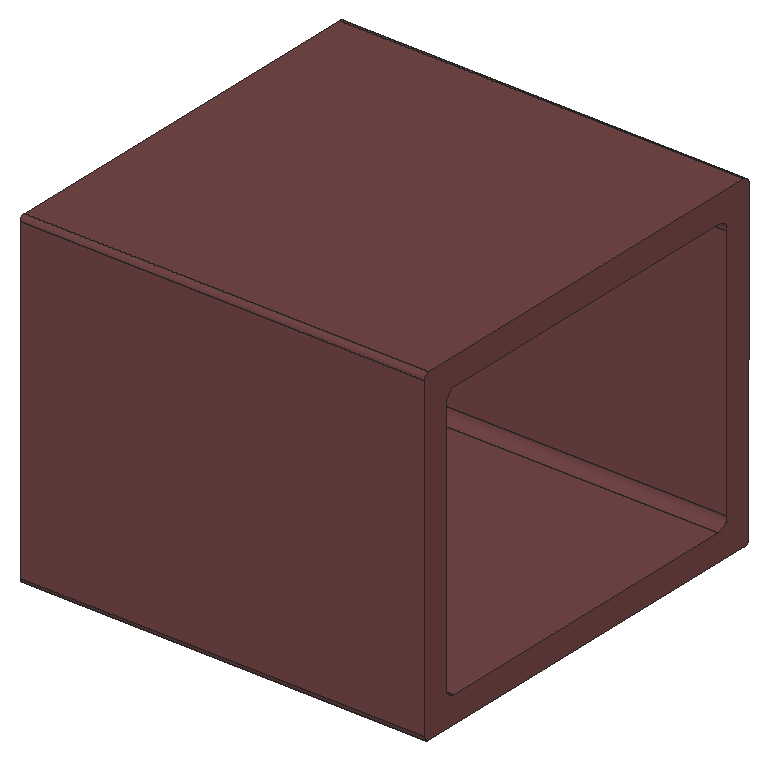
Revit family "Haworth_Janus_SEE_OccasionalTable_Open", category Furniture, Revit 2018
Family settings
  OmniClass Number = 23.40.70.14.64.21
  OmniClass Title = Systems Furniture
  Work Plane-Based = No
  Always vertical = Yes
  Cut with Voids When Loaded = No
  Shared = No
  Room Calculation Point = No
Parameters (values of type "HCJC-SE-TOOQ19-J")
  Wide = no
  Warranty = "https://www.haworth.com/resources/product-info/warranties"
  URL - Product = "https://www.haworth.com/products/seating/outdoor/see!"
  Small = yes
  Model = "HCJC-SE-TOOQ19-J"
  URL = "http://www.haworth.com/our-brands/haworth-collection"
  Size = "Verify Final Dim. w/ Haworth"  # constant formula
  Revision Number = "2"  # constant formula
  Medium = no
  Manufacturer = "Haworth"  # constant formula
  Large = not(or(Small, Medium, Wide))  # no
  Glide Finish = Haworth _ Polymer _ Black
  Frame Finish [instance] = Haworth _ Fabric _ JANUSfiber _ Bronze JJF-40
  Description = "Haworth Janus SEE! Small Occasional Table Open"
  Author = "Haworth (Abd Rahman)"  # constant formula
  Assembly Code = "E2020200"
  Actual Width = if(Small, 19", if(Medium, 26", if(Wide, 36 1/4", 54 1/4")))  # 19"
  Actual Height = if(Small, 16 1/2", if(Medium, 13 1/2", if(Wide, 13 1/2", 13 1/2")))  # 16 1/2"
  Actual Depth = if(Small, 19", if(Medium, 30 1/4", if(Wide, 30 1/4", 30 1/4")))  # 19"
Types (5): name | Wide | Small | Model | Medium | Large | Description | Actual Width | Actual Height | Actual Depth
  (no name) | no | yes | "HCJC-SE-TOOQ19-J" | no | no | "Haworth Janus SEE! Small Occasional Table Open" | 19" | 16 1/2" | 19"
  HCJC-SE-TFOR26-J | no | no | "HCJC-SE-TFOR26-J" | yes | no | "Haworth Janus SEE! Medium Occasional Table Open" | 26" | 13 1/2" | 30 1/4"
  HCJC-SE-TFOR36-J | yes | no | "HCJC-SE-TFOR36-J" | no | no | "Haworth Janus SEE! Wide Occasional Table Open" | 36 1/4" | 13 1/2" | 30 1/4"
  HCJC-SE-TFOR54-J | no | no | "HCJC-SE-TFOR54-J" | no | yes | "Haworth Janus SEE! Extra Wide Occasional Table Open" | 54 1/4" | 13 1/2" | 30 1/4"
  HCJC-SE-TOOQ19-J | no | yes | "HCJC-SE-TOOQ19-J" | no | no | "Haworth Janus SEE! Small Occasional Table Open" | 19" | 16 1/2" | 19"
Reference planes (in)
  plane 1 "Center F/B": y = -0.15866
  plane 2 "Floor": z = 0
  plane 3 "Center L/R": x = 0
  plane 4: z = 0
  plane 5: z = 1
  plane 6: x = -9.5
  plane 7: x = 9.5
  plane 8: y = 9.34134
  plane 9: y = -9.65866
  plane 10: z = 16.5
  plane 11: z = 15.25238
Forms (in)
  Extrusion 1, void
    sketch origin (0, -51.69052, 0.00238) x (0, 1, 0) y (0, 0, 1)
      loop
        line (59.28186, 15.25) -> (43.78186, 15.25)
        arc (43.78186, 15.25) -> (43.42831, 15.10355) -> (43.28186, 14.75) r 0.5
        line (43.28186, 14.75) -> (43.28186, 2.75)
        arc (43.28186, 2.75) -> (43.42831, 2.39645) -> (43.78186, 2.25) r 0.5
        line (43.78186, 2.25) -> (59.28186, 2.25)
        arc (59.28186, 2.25) -> (59.63541, 2.39645) -> (59.78186, 2.75) r 0.5
        line (59.78186, 2.75) -> (59.78186, 14.75)
        arc (59.78186, 14.75) -> (59.63541, 15.10355) -> (59.28186, 15.25) r 0.5
    from -35.98685 to 32.00702
  Extrusion 2, solid, material "Haworth _ Fabric _ JANUSfiber _ Bronze JJF-40" <- "Frame Finish"
    sketch origin (0, 0, 0) x (0, 1, 0) y (0, 0, 1)
      loop
        arc (-9.40866, 16.5) -> (-9.58544, 16.42678) -> (-9.65866, 16.25) r 0.25
        line (-9.65866, 16.25) -> (-9.65866, 1.25)
        arc (-9.65866, 1.25) -> (-9.58544, 1.07322) -> (-9.40866, 1) r 0.25
        line (-9.40866, 1) -> (9.09134, 1)
        arc (9.09134, 1) -> (9.26812, 1.07322) -> (9.34134, 1.25) r 0.25
        line (9.34134, 1.25) -> (9.34134, 16.25)
        arc (9.34134, 16.25) -> (9.26812, 16.42678) -> (9.09134, 16.5) r 0.25
        line (9.09134, 16.5) -> (-9.40866, 16.5)
    from -9.5 to 9.5
  Extrusion 3, solid, material "Haworth _ Polymer _ Black" <- "Glide Finish"
    sketch origin (0, 0, 0) x (1, 0, 0) y (0, 1, 0)
      loop
        line (5.52903, -5.59314) -> (5.40403, -5.71814) -> (5.40403, -7.71814) -> (5.52903, -7.84314) -> (7.52904, -7.84314) -> (7.65403, -7.71814) -> (7.65403, -5.71814) -> (7.52904, -5.59314) -> (5.52903, -5.59314)
    from 0 to 0.125
  Extrusion 4, solid, material "Haworth _ Polymer _ Black" <- "Glide Finish"
    sketch origin (0, 0, 0) x (1, 0, 0) y (0, 1, 0)
      loop
        line (7.40403, -5.71814) -> (5.65404, -5.71814) -> (5.52903, -5.84314) -> (5.52903, -7.59314) -> (5.65404, -7.71814) -> (7.40403, -7.71814) -> (7.52904, -7.59314) -> (7.52904, -5.84314) -> (7.40403, -5.71814)
    from 0 to 1
  Extrusion 5, solid, material "Haworth _ Polymer _ Black" <- "Glide Finish"
    sketch origin (-20, 0, 0) x (1, 0, 0) y (0, 1, 0)
      loop
        line (12.52903, -5.59314) -> (12.40403, -5.71814) -> (12.40403, -7.71814) -> (12.52903, -7.84314) -> (14.52904, -7.84314) -> (14.65403, -7.71814) -> (14.65403, -5.71814) -> (14.52904, -5.59314) -> (12.52903, -5.59314)
    from 0 to 0.125
  Extrusion 6, solid, material "Haworth _ Polymer _ Black" <- "Glide Finish"
    sketch origin (-20, 0, 0) x (1, 0, 0) y (0, 1, 0)
      loop
        line (14.40403, -5.71814) -> (12.65404, -5.71814) -> (12.52903, -5.84314) -> (12.52903, -7.59314) -> (12.65404, -7.71814) -> (14.40403, -7.71814) -> (14.52904, -7.59314) -> (14.52904, -5.84314) -> (14.40403, -5.71814)
    from 0 to 1
  Extrusion 7, solid, material "Haworth _ Polymer _ Black" <- "Glide Finish"
    sketch origin (-20, 24.25, 0) x (1, 0, 0) y (0, 1, 0)
      loop
        line (12.52903, -16.84314) -> (12.40403, -16.96814) -> (12.40403, -18.96814) -> (12.52903, -19.09314) -> (14.52904, -19.09314) -> (14.65403, -18.96814) -> (14.65403, -16.96814) -> (14.52904, -16.84314) -> (12.52903, -16.84314)
    from 0 to 0.125
  Extrusion 8, solid, material "Haworth _ Polymer _ Black" <- "Glide Finish"
    sketch origin (-20, 24.25, 0) x (1, 0, 0) y (0, 1, 0)
      loop
        line (14.40403, -16.96814) -> (12.65404, -16.96814) -> (12.52903, -17.09314) -> (12.52903, -18.84314) -> (12.65404, -18.96814) -> (14.40403, -18.96814) -> (14.52904, -18.84314) -> (14.52904, -17.09314) -> (14.40403, -16.96814)
    from 0 to 1
  Extrusion 9, solid, material "Haworth _ Polymer _ Black" <- "Glide Finish"
    sketch origin (0, 24.25, 0) x (1, 0, 0) y (0, 1, 0)
      loop
        line (5.52903, -16.84314) -> (5.40403, -16.96814) -> (5.40403, -18.96814) -> (5.52903, -19.09314) -> (7.52904, -19.09314) -> (7.65403, -18.96814) -> (7.65403, -16.96814) -> (7.52904, -16.84314) -> (5.52903, -16.84314)
    from 0 to 0.125
  Extrusion 10, solid, material "Haworth _ Polymer _ Black" <- "Glide Finish"
    sketch origin (0, 24.25, 0) x (1, 0, 0) y (0, 1, 0)
      loop
        line (7.40403, -16.96814) -> (5.65404, -16.96814) -> (5.52903, -17.09314) -> (5.52903, -18.84314) -> (5.65404, -18.96814) -> (7.40403, -18.96814) -> (7.52904, -18.84314) -> (7.52904, -17.09314) -> (7.40403, -16.96814)
    from 0 to 1
Cuts and joins
  Extrusion 1 cuts Extrusion 2
  joined: Extrusion 3, Extrusion 4
  joined: Extrusion 5, Extrusion 6
  joined: Extrusion 7, Extrusion 8
  joined: Extrusion 9, Extrusion 10
Lines and regions (in)
  Masking region 1
    outline origin (0, 0, 0) x (1, 0, 0) y (0, 1, 0)
      loop
        line (-9.5, 9.34134) -> (-9.5, -9.65866) -> (9.5, -9.65866) -> (9.5, 9.34134) -> (-9.5, 9.34134)
Dimensions and locks (in)
  plane 6 to plane 3 "Center L/R" to plane 7 = 9 1/2", 9 1/2"
  "Actual Width": plane 6 to plane 7
  "Actual Depth": plane 9 to plane 8
  "Actual Height": plane 10 to plane 4
  locked: plane 10 to plane 11 at 1.24762
  equal spacing: plane 9, plane 1 "Center F/B", plane 8
  equal spacing: plane 6, plane 3 "Center L/R", plane 7
  aligned and locked: plane 8 to Extrusion 2 sketch curve
  aligned and locked: Extrusion 2 sketch curve to plane 10
  aligned and locked: plane 9 to Extrusion 2 sketch curve
  aligned and locked: plane 5 to Extrusion 2 sketch curve
  aligned and locked: Extrusion 2 to plane 6
  aligned and locked: Extrusion 2 to plane 7
  aligned and locked: plane 7 to Masking region 1 sketch curve
  aligned and locked: plane 9 to Masking region 1 sketch curve
  aligned and locked: plane 6 to Masking region 1 sketch curve
  aligned and locked: plane 8 to Masking region 1 sketch curve
Automatic sketch dimensions
  plane 9 to Extrusion 1 sketch curve = 1 1/4"
  Extrusion 1 sketch curve to Extrusion 1 sketch curve = 1/2"  (x3)
  plane 8 to Extrusion 1 sketch curve = 1 3/4"  (x2)
  plane 5 to Extrusion 1 sketch curve = 1.25238"
  Extrusion 1 sketch curve to plane 10 = 1.74762"
  plane 9 to Extrusion 2 sketch curve = 1/4"  (x2)
  Extrusion 2 sketch curve to Extrusion 2 sketch curve = 1/4"  (x2)
  plane 7 to Extrusion 3 sketch curve = 4.09597"
  Extrusion 3 sketch curve to Extrusion 3 sketch curve = 1/8"  (x6)
  plane 9 to Extrusion 3 sketch curve = 1.81552"
  plane 7 to Extrusion 3 sketch curve = 1.97096"  (x2)
  Extrusion 3 sketch curve to Extrusion 3 sketch curve = 2"  (x2)
  plane 7 to Extrusion 4 sketch curve = 3.97097"
  Extrusion 4 sketch curve to Extrusion 4 sketch curve = 1/8"  (x6)
  Extrusion 4 sketch curve to Extrusion 4 sketch curve = 1 3/4"  (x4)
  plane 9 to Extrusion 4 sketch curve = 1.94052"
  plane 6 to Extrusion 5 sketch curve = 1.90403"
  Extrusion 5 sketch curve to Extrusion 5 sketch curve = 1/8"  (x6)
  plane 9 to Extrusion 5 sketch curve = 1.81552"
  Extrusion 5 sketch curve to Extrusion 5 sketch curve = 2"  (x4)
  plane 6 to Extrusion 6 sketch curve = 2.02903"
  Extrusion 6 sketch curve to Extrusion 6 sketch curve = 1/8"  (x6)
  Extrusion 6 sketch curve to Extrusion 6 sketch curve = 1 3/4"  (x4)
  plane 9 to Extrusion 6 sketch curve = 1.94052"
  plane 6 to Extrusion 7 sketch curve = 1.90403"
  Extrusion 7 sketch curve to Extrusion 7 sketch curve = 1/8"  (x6)
  Extrusion 7 sketch curve to Extrusion 7 sketch curve = 2"  (x4)
  plane 8 to Extrusion 7 sketch curve = 4.18448"
  plane 6 to Extrusion 8 sketch curve = 2.02903"
  Extrusion 8 sketch curve to Extrusion 8 sketch curve = 1/8"  (x6)
  Extrusion 8 sketch curve to Extrusion 8 sketch curve = 1 3/4"  (x4)
  plane 8 to Extrusion 8 sketch curve = 4.05948"
  plane 7 to Extrusion 9 sketch curve = 4.09597"
  plane 8 to Extrusion 9 sketch curve = 1.93448"
  Extrusion 9 sketch curve to Extrusion 9 sketch curve = 1/8"  (x6)
  plane 7 to Extrusion 9 sketch curve = 1.97096"  (x2)
  Extrusion 9 sketch curve to Extrusion 9 sketch curve = 2"  (x2)
  plane 7 to Extrusion 10 sketch curve = 3.97097"
  Extrusion 10 sketch curve to Extrusion 10 sketch curve = 1/8"  (x6)
  Extrusion 10 sketch curve to Extrusion 10 sketch curve = 1 3/4"  (x4)
  plane 8 to Extrusion 10 sketch curve = 4.05948"
